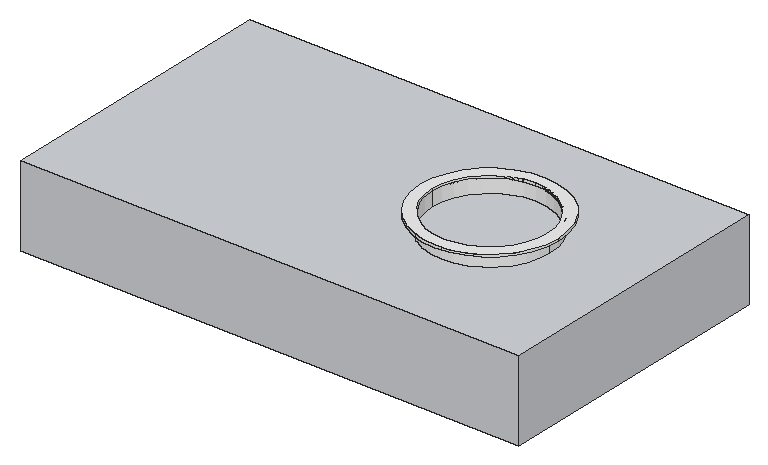
Revit family "Lighting-Recessed-Lucifer-Fraxion 3 MicroFlange Round", category Lighting Fixtures, host Face, Revit 2016
Family settings
  Host = Face
  Part Type = Normal
  Round Connector Dimension = Use Diameter
  Cut with Voids When Loaded = No
  Light Source = Yes
  Shared = No
  Room Calculation Point = No
Parameters (values of type "F3RMWW")
  Width = 7.50"
  Wattage = 9.2903 W
  built-in parameter 1150110 = 1 (stored number, unit not read)
  Voltage = 0 V
  URL = "https://www.luciferlighting.com/"
  built-in parameter 1114217 = 1 (stored number, unit not read)
  Tilt Angle = -90.00°
  built-in parameter 1150109 = 1 (stored number, unit not read)
  built-in parameter 1150134 = 3
  built-in parameter 1150113 = 1 (stored number, unit not read)
  Power Factor = 1
  Photometric Web File = "Load File"
  Number of Poles = 1
  built-in parameter 1150142 = (empty or 0)
  Model = "F3RMWW"
  Manufacturer = "Lucifer Lighting"
  built-in parameter 1150105 = 109.82 (stored number, unit not read)
  Lumens = 1380 lm
  built-in parameter 1150115 = 1 (stored number, unit not read)
  built-in parameter 1150137 = (empty or 0)
  built-in parameter 1150139 = (empty or 0)
  Length = 13.00"
  built-in parameter 1150112 = 1 (stored number, unit not read)
  built-in parameter 1150114 = 1 (stored number, unit not read)
  Lamp = "LED"
  built-in parameter 1150132 = (empty or 0)
  built-in parameter 1150102 = (empty or 0)
  built-in parameter 1150107 = 3200 (stored number, unit not read)
  built-in parameter 1150138 = (empty or 0)
  built-in parameter 1150106 = 1.0982 (stored number, unit not read)
  Height = 2.10"
  Emit from Circle Diameter = 3.00"
  Emit Shape Visible in Rendering = no
  built-in parameter 1150104 = 13.8 (stored number, unit not read)
  Dimming Lamp Color Temperature Shift = <None>
  Description = "Recessed LED Downlight Remodel"
  Default Elevation = 48.00"
  Color Filter = 16777215
  built-in parameter 1114218 = 1 (stored number, unit not read)
  built-in parameter 1150133 = 10 (stored number, unit not read)
  Apparent Load = 0 VA
Types (4): name | Width | Model | Length | Height | Emit from Circle Diameter
  (no name) | 7.50" | "F3RMWW" | 13.00" | 2.10" | 3.00"
  F3RMFS | 9.83439" | "F3RMFS" | 9.74169" | 6.70099" | 4.00"
  F3RMAS | 9.83439" | "F3RMAS" | 9.74169" | 6.70099" | 4.00"
  F3RMWW | 7.50" | "F3RMWW" | 13.00" | 2.10" | 3.00"
Reference planes (in)
  plane 1 "Center (Front/Back)": y = 0
  plane 2: z = 0
  plane 3 "Center (Left/Right)": x = 0
  plane 4: y = 1.4
  plane 5: y = -1.4
  plane 6: z = -2.1
  plane 7: x = 3.75
  plane 8: z = -0.46
Forms (in)
  Extrusion 1, solid, material "Trim Finish"
    sketch origin (0, 0, 0) x (1, 0, 0) y (0, 1, 0)
      loop
        circle (0, 0) r 1.8
      loop
        circle (0, 0) r 1.5
    from 0 to 0.05232
  Extrusion 2, solid
    sketch origin (-2.75, 0, 0) x (1, 0, 0) y (0, 1, 0)
      loop
        line (-6.5, 3.75) -> (-6.5, -3.75) -> (6.5, -3.75) -> (6.5, 3.75) -> (-6.5, 3.75)
    from -2.46701 to -0.36701
  Extrusion 3, solid, material "Trim Finish"
    sketch origin (0, 0, 0) x (1, 0, 0) y (0, 1, 0)
      loop
        circle (0, 0) r 1.5
      loop
        circle (0, 0) r 1.57657
    from -0.36701 to 0
  Extrusion 4, void
    sketch origin (0, 0, 0) x (1, 0, 0) y (0, 1, 0)
      loop
        circle (0, 0) r 1.5
    from -0.36701 to 0.05232
Cuts and joins
  Extrusion 4 cuts Extrusion 1
Dimensions and locks (in)
  equal spacing: plane 4, plane 1 "Center (Front/Back)", plane 5
  plane 4 to plane 5 = 2.80"
  "Length": Extrusion 2 sketch curve to Extrusion 2 sketch curve
  equal spacing: Extrusion 2 sketch curve, plane 1 "Center (Front/Back)", Extrusion 2 sketch curve
  "Width": Extrusion 2 sketch curve to Extrusion 2 sketch curve
  "Height": host face to plane 6
  plane 3 "Center (Left/Right)" to plane 7 = 3.75"
  host face to plane 8 = 0.46"
  Extrusion 2 to Extrusion 2 = 2.10"
  diameter of Extrusion 1 sketch curve = 3.60"
  aligned and locked: plane 2 to host face
  aligned and locked: level to host face
  aligned and locked: Extrusion 3 to Extrusion 2
  aligned and locked: level to Extrusion 3
Automatic sketch dimensions
  host sketch curve to host sketch curve = 96.00"  (x2)
  Extrusion 1 sketch curve to Extrusion 1 sketch curve = 0.00"  (x2)
  plane 1 "Center (Front/Back)" to Extrusion 1 sketch curve = 0.00"
  Extrusion 1 sketch curve to plane 3 "Center (Left/Right)" = 0.00"
  Extrusion 3 sketch curve to Extrusion 3 sketch curve = 0.00"  (x2)
  plane 1 "Center (Front/Back)" to Extrusion 3 sketch curve = 0.00"
  Extrusion 3 sketch curve to plane 3 "Center (Left/Right)" = 0.00"
  Extrusion 2 sketch curve to plane 7 = 0.00"
  plane 1 "Center (Front/Back)" to Extrusion 4 sketch curve = 0.00"
  Extrusion 4 sketch curve to plane 3 "Center (Left/Right)" = 0.00"
  radius of Extrusion 1 sketch curve = 1.50"
  radius of Extrusion 3 sketch curve = 1.50"
  radius of Extrusion 3 sketch curve = 1.57657"
  radius of Extrusion 4 sketch curve = 1.50"
Connectors (in)
  electrical at (-2.75, 0, -2.46701), driven by "Number of Poles", driven by "Voltage", driven by "Apparent Load", driven by "Power Factor"
    settings: on Extrusion 2, index 1, voltage 0 V, apparent load 0 VA, apparent load phase1 0 VA, apparent load phase2 0 VA, apparent load phase3 0 VA, power factor 1, load classification "Other", number of poles 1, system type 31, power factor state 1, is connector primary yes, connector utility no, sub classification motor no, connector description ""
